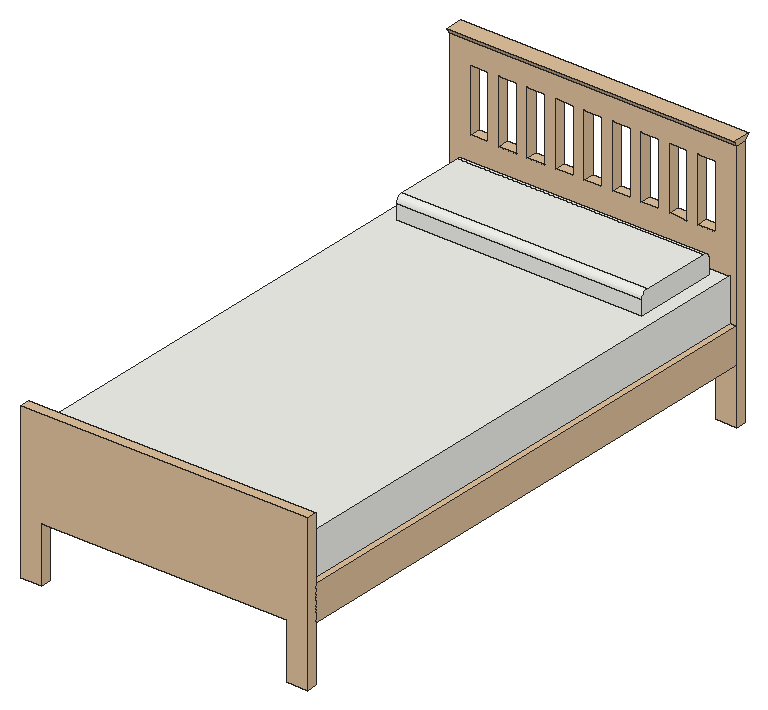
Revit family "M_Cama-Shaker", category Mobiliário, Revit 2019
Family settings
  Número OmniClass = 23.40.20.17.14.11
  Título OmniClass = Beds
  ID de item do Seek = Bed-Shaker-0000-CAN-ENU
  Com base no plano de trabalho = Não
  Sempre na vertical = Sim
  Corte com vazios quando carregada = Não
  Compartilhado = Não
  Ponto de cálculo do ambiente = Não
Parameters (values of type "1040 x 1981 mm - Solteiro")
  Material da moldura = Bétula
  Comprimento = 1981.20 mm
  Material do colchão = Linho, branco
  Largura = 1041.40 mm
Types (5, lengths in mm): name | Comprimento | Largura
  (no name) | 1981.20 | 1041.40
  1422 x 1981 mm - Casal | 1981.20 | 1422.40
  1040 x 1981 mm - Solteiro | 1981.20 | 1041.40
  1575 x 2108 mm - Queen | 2108.20 | 1574.80
  1981 x 2108 mm - King | 2108.20 | 1981.20
Reference planes
  plane 1 "Parte posterior": y = 0
  plane 2: z = 0
  plane 3 "Centro (Esquerda/Direita)": x = -19.05
  plane 4: x = -539.75
  plane 5: x = 501.65
  plane 6 "Parte frontal": y = -1981.2
  plane 7: z = 914.4
  plane 8: z = 482.6
  plane 9: x = 463.55
  plane 10: x = 425.45
  plane 11: x = -463.55
Forms (mm)
  Extrusion 1, solid, material "Bétula" <- "Material da moldura"
    sketch origin (0, 0, 0) x (1, 0, 0) y (0, 0, 1)
      loop
        line (-539.537, 914.4) -> (-539.537, 0) -> (-463.55, 0) -> (-463.55, 203.2) -> (425.45, 203.2) -> (425.45, 0) -> (501.917, 0) -> (501.917, 914.4) -> (-539.537, 914.4)
      loop
        line (-463.55, 838.2) -> (-463.55, 609.6) -> (-398.639, 609.6) -> (-398.639, 838.2) -> (-463.55, 838.2)
      loop
        line (-360.539, 838.2) -> (-360.539, 609.6) -> (-295.628, 609.6) -> (-295.628, 838.2) -> (-360.539, 838.2)
      loop
        line (-257.528, 838.2) -> (-257.528, 609.6) -> (-192.617, 609.6) -> (-192.617, 838.2) -> (-257.528, 838.2)
      loop
        line (-154.517, 838.2) -> (-154.517, 609.6) -> (-89.606, 609.6) -> (-89.606, 838.2) -> (-154.517, 838.2)
      loop
        line (51.506, 838.2) -> (51.506, 609.6) -> (116.417, 609.6) -> (116.417, 838.2) -> (51.506, 838.2)
      loop
        line (154.517, 838.2) -> (154.517, 609.6) -> (219.428, 609.6) -> (219.428, 838.2) -> (154.517, 838.2)
      loop
        line (257.528, 838.2) -> (257.528, 609.6) -> (322.439, 609.6) -> (322.439, 838.2) -> (257.528, 838.2)
      loop
        line (360.539, 838.2) -> (360.539, 609.6) -> (425.45, 609.6) -> (425.45, 838.2) -> (360.539, 838.2)
      loop
        line (-51.506, 838.2) -> (-51.506, 609.6) -> (13.406, 609.6) -> (13.406, 838.2) -> (-51.506, 838.2)
    from 0 to 38.1
  Extrusion 2, solid, material "Bétula" <- "Material da moldura"
    sketch origin (0, -1981.2, 0) x (1, 0, 0) y (0, 0, 1)
      loop
        line (-539.75, 0) -> (-463.55, 0) -> (-463.55, 203.2) -> (425.45, 203.2) -> (425.45, 0) -> (501.65, 0) -> (501.65, 558.8) -> (-539.75, 558.8) -> (-539.75, 0)
    from 0 to -38.1
  Extrusion 3, solid, material "Bétula" <- "Material da moldura"
    sketch origin (0, 0, 0) x (0, -1, 0) y (0, 0, 1)
      loop
        line (38.1, 203.576) -> (1943.1, 203.576) -> (1943.1, 330.576) -> (38.1, 330.576) -> (38.1, 203.576)
    from 514.35 to 539.75
  Extrusion 4, solid, material "Bétula" <- "Material da moldura"
    sketch origin (501.65, 0, 0) x (0, -1, 0) y (0, 0, 1)
      loop
        line (1943.1, 203.099) -> (1943.1, 330.099) -> (38.1, 330.099) -> (38.1, 203.099) -> (1943.1, 203.099)
    from 0 to 25.4
  Extrusion 5, solid, material "Linho, branco" <- "Material do colchão"
    sketch origin (0, 0, 0) x (1, 0, 0) y (0, 1, 0)
      loop
        line (-514.35, -38.1) -> (-514.35, -1943.1) -> (476.25, -1943.1) -> (476.25, -38.1) -> (-514.35, -38.1)
    from 228.6 to 482.6
  Extrusion 6, solid, material "Linho, branco" <- "Material do colchão"
    sketch origin (-539.75, 0, 0) x (0, -1, 0) y (0, 0, 1)
      loop
        line (68.449, 482.6) -> (373.249, 482.6) -> (373.249, 533.4)
        arc (373.249, 533.4) -> (365.809, 551.361) -> (347.849, 558.8) r 25.4
        line (347.849, 558.8) -> (93.849, 558.8)
        arc (93.849, 558.8) -> (75.888, 551.361) -> (68.449, 533.4) r 25.4
        line (68.449, 533.4) -> (68.449, 482.6)
    from -965.2 to -76.2
  Sweep 7, solid, material "Bétula" <- "Material da moldura"
    path origin (0, 0, 0) x (1, 0, 0) y (0, 1, 0)
      loop
        line (-539.537, 0) -> (501.917, 0)
    profile origin (-18.81, 0, 0) x (0, 1, 0) y (0, 0, 1)
      loop
        line (0, 914.4) -> (13.855, 933.45) -> (-51.955, 933.45) -> (-38.1, 914.4) -> (0, 914.4)
Lines and regions (mm)
  Masking region 1
    outline origin (0, 0, 0) x (1, 0, 0) y (0, 1, 0)
      loop
        line (-539.75, 0) -> (-539.75, -1981.2) -> (501.65, -1981.2) -> (501.65, 0) -> (-539.75, 0)
  symbolic lines
    curve 1: line (501.65, -1981.2, 0) -> (-539.537, -1981.2, 0)
    curve 2: line (501.65, 0, 0) -> (501.65, -1981.2, 0)
    curve 3: line (-539.537, 0, 0) -> (501.65, 0, 0)
    curve 4: line (-539.537, -1981.2, 0) -> (-539.537, 0, 0)
    curve 5: line (501.65, -1943.1, 0) -> (-539.537, -1943.1, 0)
    curve 6: line (501.65, -51.955, 0) -> (-539.537, -51.955, 0)
    curve 7: line (425.45, -373.249, 0) -> (-463.55, -373.249, 0)
    curve 8: line (425.45, -68.449, 0) -> (425.45, -373.249, 0)
    curve 9: line (-463.55, -68.449, 0) -> (425.45, -68.449, 0)
    curve 10: line (-463.55, -373.249, 0) -> (-463.55, -68.449, 0)
Dimensions and locks
  equal spacing: plane 4, plane 3 "Centro (Esquerda/Direita)", plane 5
  "Largura": plane 4 to plane 5
  "Comprimento": plane 6 "Parte frontal" to plane 1 "Parte posterior"
  locked: Extrusion 1 sketch curve to Extrusion 1 sketch curve at 75.987
  locked: Extrusion 1 sketch curve to Extrusion 1 sketch curve at 38.1  (x8)
  plane 2 to plane 7 = 914.40 mm
  Extrusion 1 to plane 1 "Parte posterior" = 38.10 mm
  locked: Extrusion 3 to plane 4 at 25.4  (x2)
  locked: plane 6 "Parte frontal" to Extrusion 3 sketch curve at 38.1
  locked: Extrusion 3 sketch curve to plane 1 "Parte posterior" at 38.1
  locked: plane 6 "Parte frontal" to Extrusion 4 sketch curve at 38.1
  locked: Extrusion 4 sketch curve to plane 1 "Parte posterior" at 38.1
  locked: Extrusion 4 to Extrusion 4 at 25.4
  locked: Extrusion 4 to plane 5 at 25.4
  locked: Extrusion 5 sketch curve to Extrusion 1 at 38.1
  locked: plane 6 "Parte frontal" to Extrusion 5 sketch curve at 38.1
  equal spacing: Extrusion 1 sketch curve, plane 3 "Centro (Esquerda/Direita)", Extrusion 1 sketch curve
  equal spacing: plane 9, Extrusion 1 sketch curve, Extrusion 1 sketch curve, Extrusion 1 sketch curve, Extrusion 1 sketch curve, Extrusion 1 sketch curve, Extrusion 1 sketch curve, Extrusion 1 sketch curve, Extrusion 1 sketch curve, Extrusion 1 sketch curve
  locked: plane 9 to plane 5 at 38.1
  locked: plane 5 to Extrusion 1 sketch curve at 76.2
  locked: plane 10 to plane 5 at 76.2
  locked: plane 4 to plane 11 at 76.2
  aligned and locked: plane 7 to Extrusion 1 sketch curve
  aligned and locked: plane 4 to Extrusion 2 sketch curve
  aligned and locked: Extrusion 2 sketch curve to plane 5
  aligned and locked: plane 4 to Extrusion 3
  aligned and locked: Extrusion 1 to Extrusion 6
  aligned and locked: Extrusion 6 to Extrusion 1
  aligned and locked: Sweep 7 sketch curve to Extrusion 1  (x3)
  aligned and locked: Masking region 1 sketch curve to plane 4
  aligned and locked: plane 1 "Parte posterior" to Masking region 1 sketch curve
  aligned and locked: plane 5 to Masking region 1 sketch curve
  aligned and locked: Masking region 1 sketch curve to plane 6 "Parte frontal"
  aligned and locked: plane 11 to Extrusion 6
  aligned and locked: Extrusion 6 to plane 10
Automatic sketch dimensions
  Extrusion 1 sketch curve to level = 0.00 mm  (x2)
  Extrusion 1 sketch curve to plane 4 = 76.20 mm
  plane 5 to Extrusion 1 sketch curve = 76.20 mm
  level to Extrusion 1 sketch curve = 203.20 mm
  level to Extrusion 1 sketch curve = 609.60 mm
  Extrusion 1 sketch curve to Extrusion 1 sketch curve = 0.00 mm  (x12)
  Extrusion 1 sketch curve to Extrusion 1 sketch curve = 304.80 mm  (x2)
  plane 7 to Extrusion 1 sketch curve = 76.20 mm  (x3)
  Extrusion 1 sketch curve to plane 5 = 0.267 mm
  Extrusion 2 sketch curve to level = 0.00 mm  (x2)
  Extrusion 2 sketch curve to plane 4 = 76.20 mm
  Extrusion 2 sketch curve to Extrusion 2 sketch curve = 76.20 mm
  level to Extrusion 2 sketch curve = 203.20 mm
  Extrusion 2 sketch curve to Extrusion 2 sketch curve = 355.60 mm
  level to Extrusion 3 sketch curve = 203.576 mm
  Extrusion 3 sketch curve to Extrusion 3 sketch curve = 127.00 mm
  level to Extrusion 4 sketch curve = 203.099 mm
  Extrusion 4 sketch curve to Extrusion 4 sketch curve = 127.00 mm
  Extrusion 5 sketch curve to plane 4 = 25.40 mm
  plane 5 to Extrusion 5 sketch curve = 25.40 mm
  Sweep 7 sketch curve to profile plane = 0.00 mm
  profile plane to Sweep 7 sketch curve = 38.10 mm
  Sweep 7 sketch curve to Sweep 7 sketch curve = 13.855 mm
  Sweep 7 sketch curve to profile plane = 13.855 mm
  level to Sweep 7 sketch curve = 914.40 mm
  Sweep 7 sketch curve to Sweep 7 sketch curve = 19.05 mm
  Extrusion 6 sketch curve to plane 8 = 0.00 mm
  plane 1 "Parte posterior" to Extrusion 6 sketch curve = 68.449 mm
  Extrusion 6 sketch curve to Extrusion 6 sketch curve = 25.40 mm  (x2)
  plane 8 to Extrusion 6 sketch curve = 50.80 mm
  Extrusion 6 sketch curve to Extrusion 6 sketch curve = 254.00 mm
  curve 1 to plane 6 "Parte frontal" = 0.00 mm
  curve 3 to plane 1 "Parte posterior" = 0.00 mm
  curve 2 to plane 5 = 0.00 mm
  plane 5 to curve 8 = 76.20 mm
  curve 7 to plane 4 = 76.20 mm
  curve 4 to plane 4 = 0.213 mm
  curve 5 to plane 6 "Parte frontal" = 38.10 mm
  plane 1 "Parte posterior" to curve 7 = 373.249 mm
  plane 1 "Parte posterior" to curve 9 = 68.449 mm
  curve 6 to curve 3 = 51.955 mm
